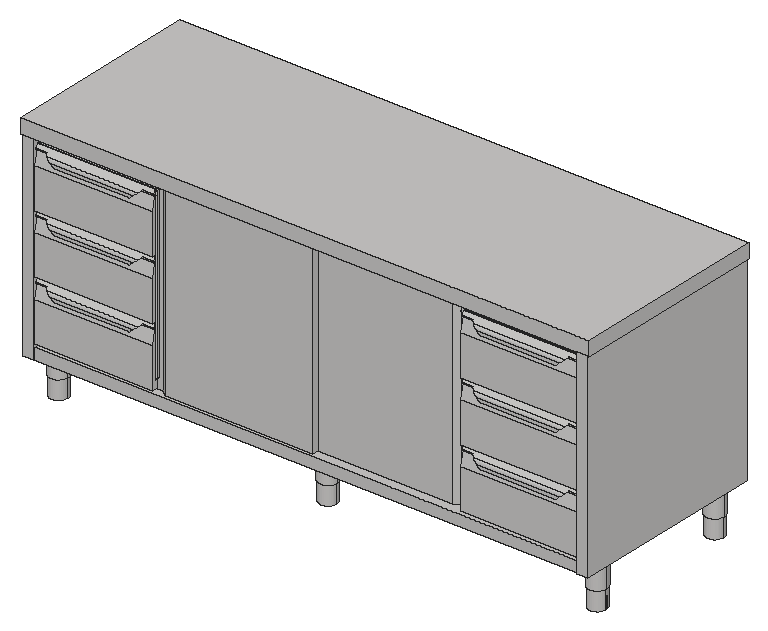
Revit family "QF_ELECTROLUXPROFESSIONAL_133265_MTA2000PN", category Attrezzature speciali, Revit 2020
Family settings
  Quota connettore circolare = Usa diametro
  Tipo di parte = Normale
  Basato su piano di lavoro = No
  Sempre verticale = Sì
  Taglio con vuoti quando caricato = No
  Condiviso = No
  Punto di calcolo locali = No
Parameters (values of type "Standard")
  Weight = 85.00 kg
  Watts = 0 W
  Volts = 0 V
  URL Manufacturer = "https://www.electroluxprofessional.com/"
  URL = "https://www.electroluxprofessional.com/"
  Steam Supply Size = 0 mm
  Steam Supply Minimum Pressure = 0.0 Pa
  Steam Supply Maximum Pressure = 0.0 Pa
  Steam Consumption per Hour = 0
  Refrigeration Suction Line Size = 0.0 mm
  Refrigeration Liquid Line Size = 0.0 mm
  Refrigerant Compressor Remote = yes
  Prospetto di default = 0.0 mm
  Phase = 0
  Modello = "MTA2000PN"
  Produttore = "Electrolux Professional"
  Length Actual = 2000.0 mm  # constant formula
  Item Number = "133265"
  Hot Water Size = 0 mm
  Height Actual = 900.0 mm  # constant formula
  HP = "0 HP"
  Gas Size = 0 mm
  Gas KW = 0
  Gas Input Pressure = 0 W
  Direct Waste Size = 0 mm
  Descrizione = "TABLE W/ 3+3 DRAWERS+2 SLIDING D. 2000MM"
  Depth Actual = 700.0 mm  # constant formula
  Cycle = 0 Hz
  Condensate Return Size = 0 mm
  Compressed Air Volume = 0.0 L/s
  Compressed Air Size = 0 mm
  Compressed Air Pressure = 0.0 Pa
  Cold Water Size = 0 mm
  Accessory = yes
Reference planes
  plane 1 "Center (Front/Back)": y = 0
  plane 2: z = 0
  plane 3 "BACK": y = 350
  plane 4 "FRONT": y = -350
  plane 5 "TOP": z = 900
  plane 6: y = 270
  plane 7: y = -247
  plane 8 "FEET": z = 150
  plane 9: y = -344.5
  plane 10 "BaseTop": z = 850
  plane 11: y = 344.5
  plane 12 "Center (Left/Right)": x = -409
  plane 13 "Right": x = 591
  plane 14 "Left": x = -1409
  plane 15: x = 130
  plane 16: x = -1363
  plane 17: x = 547.5
  plane 18: x = -944.5
  plane 19: x = -942
  plane 20: x = -1365.5
  plane 21: x = -1356
  plane 22: x = -1403.5
  plane 23: x = 585.5
  plane 24: x = 547.5
  plane 25: x = 545
  plane 26: x = -433.5
  plane 27: x = -384.5
  plane 28: x = 538
Forms (mm)
  Extrusion 1, solid, material "QF_Finishes_Stainless Steel"
    sketch origin (-400, 0, 150) x (1, 0, 0) y (0, 1, 0)
      loop
        line (985.5, 350) -> (947.5, 350) -> (947.5, -350) -> (985.5, -350) -> (985.5, 350)
      loop
        line (-965.4, 350) -> (-1003.5, 350) -> (-1003.5, -344.5) -> (-965.4, -344.5) -> (-965.4, 350)
    from 0 to 700
  Extrusion 2, solid, material "QF_Finishes_Stainless Steel"
    sketch origin (-400, 0, 150) x (1, 0, 0) y (0, 1, 0)
      loop
        line (947.5, 347) -> (-965.5, 347) -> (-965.5, -344.5) -> (947.5, -344.5) -> (947.5, 347)
    from 0 to 40
  Extrusion 3, void
    sketch origin (-400, -350, 0) x (1, 0, 0) y (0, 0, -1)
      loop
        line (525.418, -247.973) -> (538, -247.124) -> (538, -191.4) -> (525.418, -191.4) -> (525.418, -247.973)
      loop
        line (512.302, -816.058) -> (512.302, -850) -> (523, -850) -> (523, -816.825) -> (512.302, -816.058)
    from 20.5 to 40.5
  Extrusion 4, solid, material "QF_Finishes_Stainless Steel"
    sketch origin (-400, 0, 150) x (1, 0, 0) y (0, 1, 0)
      loop
        line (-965.5, 350) -> (-965.5, 327) -> (947.5, 327) -> (947.5, 350) -> (-965.5, 350)
    from 700 to 40
  Extrusion 5, solid, material "QF_Finishes_Stainless Steel"
    sketch origin (-406, 0, 0) x (0, 1, 0) y (0, 0, -1)
      loop
        line (-350, -900) -> (350, -900) -> (350, -850) -> (-350, -850) -> (-350, -900)
    from 1003 to -997
  Extrusion 6, solid, material "QF_Finishes_Stainless Steel"
    sketch origin (447, -20, 150) x (-1, 0, 0) y (0, -1, 0)
      loop
        line (831.5, 324.5) -> (831.5, 304.5) -> (1389, 304.5) -> (1389, 319.071) -> (1381.942, 326.129) -> (1380.312, 324.5) -> (1387, 317.812) -> (1387, 309.5) -> (1370.034, 309.5) -> (1350.034, 324.5) -> (831.5, 324.5)
    from 700 to 50
  Extrusion 7, void
    sketch origin (414, -350, 0) x (-1, 0, 0) y (0, 0, 1)
      loop
        line (1346.418, 247.973) -> (1346.418, 191.4) -> (1358.5, 191.4) -> (1358.5, 229.369) -> (1346.418, 247.973)
      loop
        line (1346.418, 816.627) -> (1358.5, 835.231) -> (1358.5, 850) -> (1346.418, 850) -> (1346.418, 816.627)
    from 2.49 to 20.5
  Extrusion 8, solid, material "QF_Finishes_Stainless Steel"
    sketch origin (0, 0, 850) x (-1, 0, 0) y (0, -1, 0)
      loop
        line (-547.5, 304.5) -> (-547.5, 299.5) -> (-130, 299.5) -> (-130, 304.5) -> (-547.5, 304.5)
    from 0 to -2
  Extrusion 9, solid, material "QF_Finishes_Stainless Steel"
    sketch origin (-1266, 0, 150) x (1, 0, 0) y (0, 1, 0)
      loop
        line (831.5, -324.5) -> (1357.034, -324.5) -> (1377.034, -309.5) -> (1394, -309.5) -> (1394, -317.812) -> (1387.312, -324.5) -> (1388.942, -326.129) -> (1396, -319.071) -> (1396, -304.5) -> (831.5, -304.5) -> (831.5, -324.5)
    from 700 to 50
Cuts and joins
  Extrusion 3 cuts Extrusion 1
  Extrusion 3 cuts Extrusion 5
  Extrusion 7 cuts Extrusion 6
  Extrusion 3 cuts Extrusion 9
Lines and regions (mm)
  symbolic lines, style "SpecialityEquipment"
    curve 1: line (-1409, 350, 850) -> (591, 350, 850)
    curve 2: line (-1409, -350, 850) -> (-1409, 350, 850)
    curve 3: line (591, -350, 850) -> (-1409, -350, 850)
    curve 4: line (591, 350, 850) -> (591, -350, 850)
    curve 6: line (-1409, 337, 850) -> (591, 337, 850)
  symbolic lines, style "SpecialityEquipmentHiddenLines"
    curve 5: line (-384.5, -324.5, 200) -> (-384.5, -344.5, 200)
    curve 7: line (130, -304.5, 850) -> (-433.5, -304.5, 850)
    curve 8: line (-433.5, -304.5, 850) -> (-433.5, -324.5, 850)
    curve 9: line (-942, -324.5, 850) -> (91.034, -324.5, 850)
    curve 10: line (91.034, -324.5, 850) -> (111.034, -309.5, 850)
    curve 11: line (111.034, -309.5, 850) -> (130, -309.5, 850)
    curve 12: line (130, -309.5, 850) -> (130, -304.5, 850)
    curve 13: line (-903.034, -344.5, 850) -> (-923.034, -329.5, 850)
    curve 14: line (-923.034, -329.5, 850) -> (-942, -329.5, 850)
    curve 15: line (-942, -329.5, 850) -> (-942, -324.5, 850)
Dimensions and locks
  plane 3 "BACK" to plane 4 "FRONT" = 700.0 mm
  equal spacing: plane 3 "BACK", plane 1 "Center (Front/Back)", plane 4 "FRONT"
  locked: plane 8 "FEET" to level at 150
  locked: plane 3 "BACK" to plane 6 at 80
  locked: plane 7 to plane 4 "FRONT" at 103
  plane 9 to plane 4 "FRONT" = 5.5 mm  (x2)
  plane 3 "BACK" to plane 11 = 5.5 mm
  locked: plane 5 "TOP" to level at 900
  plane 19 to plane 18 = 2.5 mm
  locked: plane 15 to plane 19 at 1072
  locked: plane 13 "Right" to plane 14 "Left" at 2000
  locked: plane 22 to plane 14 "Left" at 5.5
  locked: plane 20 to plane 22 at 38
  locked: plane 16 to plane 20 at 2.5
  locked: plane 22 to plane 21 at 47.5
  locked: plane 23 to plane 13 "Right" at 5.5
  locked: plane 24 to plane 23 at 38
  plane 25 to plane 24 = 2.5 mm
  equal spacing: plane 14 "Left", plane 12 "Center (Left/Right)", plane 13 "Right"
  plane 26 to plane 27 = 49.0 mm
  equal spacing: plane 26, plane 12 "Center (Left/Right)", plane 27
  plane 28 to plane 23 = 47.5 mm
  aligned and locked: level to plane 2
  aligned and locked: plane 17 to Extrusion 2
  aligned and locked: nested 4 to nested 2
  aligned and locked: plane 17 to Extrusion 4
  aligned and locked: plane 13 "Right" to Extrusion 5
  aligned and locked: Extrusion 5 to plane 14 "Left"
  aligned and locked: plane 20 to Extrusion 2 sketch curve
  aligned and locked: nested 3 to nested 1
  aligned and locked: nested 2 to plane 21
  aligned and locked: nested 6 to nested 5
  aligned and locked: plane 20 to Extrusion 4
  aligned and locked: nested 7 to plane 16
  aligned and locked: Extrusion 1 sketch curve to plane 23
  aligned and locked: plane 24 to Extrusion 1 sketch curve
  aligned and locked: plane 27 to cut or joined group of Extrusion 6, Extrusion 7
  aligned and locked: curve 8 to plane 26
  aligned and locked: curve 5 to plane 27
  aligned and locked: nested 5 to plane 12 "Center (Left/Right)"
  aligned and locked: nested 1 to plane 28
Automatic sketch dimensions
  curve 5 to plane 9 = 0.0 mm
  plane 9 to curve 5 = 20.0 mm
  Extrusion 1 sketch curve to plane 9 = 0.0 mm
  Extrusion 1 sketch curve to plane 22 = 0.0 mm
  Extrusion 1 sketch curve to plane 3 "BACK" = 0.0 mm  (x2)
  Extrusion 1 sketch curve to plane 4 "FRONT" = 0.0 mm
  plane 20 to Extrusion 1 sketch curve = 0.1 mm
  Extrusion 2 sketch curve to plane 9 = 0.0 mm
  Extrusion 2 sketch curve to plane 17 = 0.0 mm
  plane 11 to Extrusion 2 sketch curve = 2.5 mm
  Extrusion 3 sketch curve to plane 10 "BaseTop" = 0.0 mm
  Extrusion 3 sketch curve to plane 15 = 8.0 mm
  plane 15 to Extrusion 3 sketch curve = 7.0 mm
  Extrusion 3 sketch curve to Extrusion 3 sketch curve = 33.175 mm
  Extrusion 3 sketch curve to Extrusion 3 sketch curve = 0.767 mm
  plane 8 "FEET" to Extrusion 3 sketch curve = 97.973 mm
  Extrusion 3 sketch curve to Extrusion 3 sketch curve = 0.849 mm
  plane 8 "FEET" to Extrusion 3 sketch curve = 41.4 mm
  Extrusion 4 sketch curve to plane 3 "BACK" = 0.0 mm
  Extrusion 4 sketch curve to plane 20 = 0.0 mm
  Extrusion 4 sketch curve to plane 17 = 0.0 mm
  Extrusion 4 sketch curve to plane 11 = 17.5 mm
  Extrusion 5 sketch curve to plane 4 "FRONT" = 0.0 mm
  Extrusion 5 sketch curve to plane 3 "BACK" = 0.0 mm
  Extrusion 5 sketch curve to plane 10 "BaseTop" = 0.0 mm
  Extrusion 6 sketch curve to plane 27 = 0.0 mm
  Extrusion 6 sketch curve to plane 9 = 0.0 mm  (x2)
  Extrusion 6 sketch curve to plane 19 = 0.0 mm
  Extrusion 6 sketch curve to plane 19 = 38.966 mm
  Extrusion 6 sketch curve to plane 19 = 18.966 mm
  Extrusion 6 sketch curve to plane 19 = 8.688 mm
  Extrusion 6 sketch curve to plane 9 = 1.629 mm
  Extrusion 6 sketch curve to Extrusion 6 sketch curve = 1.629 mm
  Extrusion 6 sketch curve to plane 19 = 2.0 mm
  plane 9 to Extrusion 6 sketch curve = 15.0 mm
  Extrusion 6 sketch curve to Extrusion 6 sketch curve = 5.0 mm
  Extrusion 7 sketch curve to plane 10 "BaseTop" = 0.0 mm
  plane 18 to Extrusion 7 sketch curve = 0.0 mm  (x2)
  Extrusion 7 sketch curve to plane 19 = 9.582 mm  (x2)
  Extrusion 7 sketch curve to Extrusion 7 sketch curve = 14.769 mm
  Extrusion 7 sketch curve to Extrusion 7 sketch curve = 18.604 mm  (x2)
  plane 8 "FEET" to Extrusion 7 sketch curve = 97.973 mm
  Extrusion 7 sketch curve to Extrusion 7 sketch curve = 37.969 mm
  Extrusion 8 sketch curve to plane 15 = 0.0 mm
  plane 17 to Extrusion 8 sketch curve = 0.0 mm
  plane 9 to Extrusion 8 sketch curve = 45.0 mm
  Extrusion 8 sketch curve to Extrusion 8 sketch curve = 5.0 mm
  Extrusion 9 sketch curve to plane 26 = 1.0 mm
  plane 9 to Extrusion 9 sketch curve = 20.0 mm  (x2)
  plane 9 to Extrusion 9 sketch curve = 18.371 mm
  Extrusion 9 sketch curve to Extrusion 9 sketch curve = 1.629 mm
  Extrusion 9 sketch curve to Extrusion 9 sketch curve = 8.312 mm
  plane 9 to Extrusion 9 sketch curve = 40.0 mm
  curve 4 to plane 3 "BACK" = 0.0 mm
  curve 4 to plane 13 "Right" = 0.0 mm
  curve 13 to plane 9 = 0.0 mm
  curve 14 to plane 19 = 0.0 mm
  curve 3 to plane 4 "FRONT" = 0.0 mm
  curve 3 to plane 14 "Left" = 0.0 mm
  curve 11 to curve 11 = 18.966 mm
  curve 10 to curve 9 = 20.0 mm
  curve 13 to curve 14 = 18.966 mm
  plane 9 to curve 7 = 40.0 mm
  curve 7 to curve 11 = 5.0 mm
  plane 9 to curve 9 = 20.0 mm
  curve 9 to curve 15 = 5.0 mm
  curve 13 to curve 13 = 20.0 mm
  curve 6 to plane 11 = 7.5 mm
  curve 11 to plane 15 = 0.0 mm
  Extrusion 3 sketch curve to Extrusion 3 sketch curve = 10.698 mm
  plane 15 to Extrusion 3 sketch curve = 4.582 mm
  Extrusion 9 sketch curve to plane 15 = 0.0 mm
  plane 15 to Extrusion 9 sketch curve = 38.966 mm
  plane 15 to Extrusion 9 sketch curve = 18.966 mm
  plane 15 to Extrusion 9 sketch curve = 8.688 mm
  plane 15 to Extrusion 9 sketch curve = 2.0 mm
  Extrusion 5 sketch curve to plane 5 "TOP" = 0.0 mm
Nested families
  nested 1: "FEET_D60-150" at (538, -247, 0) x (-1, 0, 0) z (0, 0, 1), type "FEET_D60-150"
  nested 2: "FEET_D60-150" at (-1356, -247, 0) x (-1, 0, 0) z (0, 0, 1), type "FEET_D60-150"
  nested 3: "FEET_D60-150" at (538, 270, 0) x (-1, 0, 0) z (0, 0, 1), type "FEET_D60-150"
  nested 4: "FEET_D60-150" at (-1356, 270, 0) x (-1, 0, 0) z (0, 0, 1), type "FEET_D60-150"
  nested 5: "FEET_D60-150" at (-409, -247, 0) x (-1, 0, 0) z (0, 0, 1), type "FEET_D60-150"
  nested 6: "FEET_D60-150" at (-409, 270, 0) x (-1, 0, 0) z (0, 0, 1), type "FEET_D60-150"
  nested 7: "H637_600_3DRAWERS" at (-1119.458, -304.5, 152) x (-1, 0, 0) z (0, -1, 0), type "H637_600_3DRAWERS"
    with Show Clearance yes
  nested 8: "H637_600_3DRAWERS" at (307.458, -304.5, 152) x (1, 0, 0) z (0, -1, 0), type "H637_600_3DRAWERS"
    with Show Clearance yes
Definition of nested family "FEET_D60-150"
  Parameters
    Default Elevation = 0.0 mm
    FEET = 150.0 mm
  Reference planes
    plane 1 "Center (Front/Back)": y = 0
    plane 2: z = 0
    plane 3 "Center (Left/Right)": x = 0
    plane 4: z = 150
  Forms (mm)
    Extrusion 1, solid
      sketch origin (0, 0, 0) x (1, 0, 0) y (0, 1, 0)
        loop
          circle (0, 0) r 28
      from 0 to 67
    Revolve 2, solid
      sketch origin (0, 0, 0) x (1, 0, 0) y (0, 0, 1)
        loop
          line (0, 0) -> (0, 150) -> (-32.939, 150) -> (-32.939, 67) -> (-30, 67) -> (-30, 0) -> (0, 0)
        axis (0, 150) -> (0, 0)
      angle from 0 to 360
  Lines and regions (mm)
    symbolic lines
      curve 1: line (0, -1.503, 0) -> (0, 1.508, 0)
      curve 2: line (1.561, 0, 0) -> (-1.439, 0, 0)
  Dimensions and locks
    "FEET": plane 4 to plane 2
    aligned and locked: level to plane 2
  Automatic sketch dimensions
    plane 1 "Center (Front/Back)" to Extrusion 1 sketch curve = 0.0 mm
    Extrusion 1 sketch curve to plane 3 "Center (Left/Right)" = 0.0 mm
    plane 1 "Center (Front/Back)" to curve 2 = 0.0 mm
    curve 1 to plane 3 "Center (Left/Right)" = 0.0 mm
    curve 2 to plane 3 "Center (Left/Right)" = 1.439 mm
    plane 3 "Center (Left/Right)" to curve 2 = 1.561 mm
    plane 1 "Center (Front/Back)" to curve 1 = 1.503 mm
    curve 1 to plane 1 "Center (Front/Back)" = 1.508 mm
    Revolve 2 sketch curve to plane 4 = 0.0 mm
    Revolve 2 sketch curve to level = 0.0 mm
    Revolve 2 sketch curve to plane 3 "Center (Left/Right)" = 0.0 mm  (x2)
    Revolve 2 sketch curve to plane 3 "Center (Left/Right)" = 30.0 mm
    Revolve 2 sketch curve to plane 3 "Center (Left/Right)" = 32.939 mm
    level to Revolve 2 sketch curve = 67.0 mm
    Revolve 2 sketch curve to level = 42.207 mm
    Revolve 2 sketch curve to Revolve 2 sketch curve = 10.0 mm
    radius of Extrusion 1 sketch curve = 28.0 mm
Definition of nested family "H637_600_3DRAWERS"
  Parameters
    Width = 419.0 mm
    Show Clearance [instance] = yes
    Model = "727995"
    Height = 700.0 mm
    Default Elevation = 0.0 mm
  Reference planes
    plane 1 "Center (Front/Back)": y = 0
    plane 2: z = 0
    plane 3 "Center (Left/Right)": x = 36.042
    plane 4 "panel": z = 25
    plane 5 "Left": x = -173.458
    plane 6 "Right": x = 245.542
    plane 7: y = 700
    plane 8: z = 45
    plane 9: x = 243.542
    plane 10: x = -171.458
    plane 11: y = 676
    plane 12: y = 38
    plane 13: z = 499.734
    plane 14: y = 470
    plane 15: y = 465
    plane 16: y = 259
    plane 17: y = 254
    plane 18: y = 48
  Forms (mm)
    Extrusion 1, solid
      sketch origin (0, -919.2, 0) x (1, 0, 0) y (0, 1, 0)
        loop
          line (-980.5, 2119.2) -> (-980.5, -162.846) -> (881.94, -162.846) -> (881.94, 2119.2) -> (-980.5, 2119.2)
      from 0 to -59.546
    Extrusion 2, solid
      sketch origin (36.042, -645.693, 0) x (0, 1, 0) y (0, 0, 1)
        loop
          line (856.63, 49.734) -> (856.63, 47.734) -> (866.98, 47.734)
          arc (866.98, 47.734) -> (873.586, 46.42) -> (879.186, 42.679) r 17.261
          line (879.186, 42.679) -> (896.019, 25.845) -> (899.693, 25) -> (880.6, 44.093)
          arc (880.6, 44.093) -> (874.351, 48.268) -> (866.98, 49.734) r 19.261
          line (866.98, 49.734) -> (856.63, 49.734)
      from -207.5 to 207.5
    Extrusion 3, solid, detail levels coarse
      sketch origin (0, 0, 0) x (1, 0, 0) y (0, 0, 1)
        loop
          line (-171.458, 40) -> (243.542, 40) -> (243.542, 499.734) -> (-171.458, 499.734) -> (-171.458, 40)
      from -48 to -254
    Extrusion 4, solid
      sketch origin (36.042, -616, 0) x (0, 1, 0) y (0, 0, 1)
        loop
          line (664.4, 40) -> (664.4, 0) -> (870, 0) -> (870, 25) -> (804.797, 40) -> (664.4, 40)
      from 207.5 to -207.5
    Extrusion 5, void
      sketch origin (0, 0, 0) x (1, 0, 0) y (0, 1, 0)
        loop
          line (-99.744, 213.799) -> (-133.705, 243.322) -> (-166.458, 243.322)
          arc (-166.458, 243.322) -> (-169.994, 244.786) -> (-171.458, 248.322) r 5
          line (-171.458, 248.322) -> (-171.458, 210.937) -> (-91.403, 210.937)
          arc (-91.403, 210.937) -> (-95.762, 211.819) -> (-99.744, 213.799) r 17.035
      from 36.678 to 53.74
    Extrusion 6, void
      sketch origin (72.084, 0, 0) x (-1, 0, 0) y (0, -1, 0)
        loop
          arc (-99.744, -213.799) -> (-95.762, -211.819) -> (-91.403, -210.937) r 17.035
          line (-91.403, -210.937) -> (-171.458, -210.937) -> (-171.458, -248.322)
          arc (-171.458, -248.322) -> (-169.994, -244.786) -> (-166.458, -243.322) r 5
          line (-166.458, -243.322) -> (-133.705, -243.322) -> (-99.744, -213.799)
      from 36.678 to 53.74
    Extrusion 7, solid
      sketch origin (36.042, -434.693, 0) x (0, 1, 0) y (0, 0, 1)
        loop
          line (856.63, 49.734) -> (856.63, 47.734) -> (866.98, 47.734)
          arc (866.98, 47.734) -> (873.586, 46.42) -> (879.186, 42.679) r 17.261
          line (879.186, 42.679) -> (896.019, 25.845) -> (899.693, 25) -> (880.6, 44.093)
          arc (880.6, 44.093) -> (874.351, 48.268) -> (866.98, 49.734) r 19.261
          line (866.98, 49.734) -> (856.63, 49.734)
      from -207.5 to 207.5
    Extrusion 8, solid
      sketch origin (36.042, -405, 0) x (0, 1, 0) y (0, 0, 1)
        loop
          line (664, 40) -> (664, 0) -> (870, 0) -> (870, 25) -> (804.797, 40) -> (664, 40)
      from 207.5 to -207.5
    Extrusion 9, void
      sketch origin (0, 211, 0) x (1, 0, 0) y (0, 1, 0)
        loop
          line (-99.744, 213.799) -> (-133.705, 243.322) -> (-166.458, 243.322)
          arc (-166.458, 243.322) -> (-169.994, 244.786) -> (-171.458, 248.322) r 5
          line (-171.458, 248.322) -> (-171.458, 210.937) -> (-91.403, 210.937)
          arc (-91.403, 210.937) -> (-95.762, 211.819) -> (-99.744, 213.799) r 17.035
      from 36.678 to 53.74
    Extrusion 10, void
      sketch origin (72.084, 211, 0) x (-1, 0, 0) y (0, -1, 0)
        loop
          arc (-99.744, -213.799) -> (-95.762, -211.819) -> (-91.403, -210.937) r 17.035
          line (-91.403, -210.937) -> (-171.458, -210.937) -> (-171.458, -248.322)
          arc (-171.458, -248.322) -> (-169.994, -244.786) -> (-166.458, -243.322) r 5
          line (-166.458, -243.322) -> (-133.705, -243.322) -> (-99.744, -213.799)
      from 36.678 to 53.74
    Extrusion 11, solid
      sketch origin (36.042, -223.693, 0) x (0, 1, 0) y (0, 0, 1)
        loop
          line (856.63, 49.734) -> (856.63, 47.734) -> (866.98, 47.734)
          arc (866.98, 47.734) -> (873.586, 46.42) -> (879.186, 42.679) r 17.261
          line (879.186, 42.679) -> (896.019, 25.845) -> (899.693, 25) -> (880.6, 44.093)
          arc (880.6, 44.093) -> (874.351, 48.268) -> (866.98, 49.734) r 19.261
          line (866.98, 49.734) -> (856.63, 49.734)
      from -207.5 to 207.5
    Extrusion 12, solid
      sketch origin (36.042, -194, 0) x (0, 1, 0) y (0, 0, 1)
        loop
          line (664, 40) -> (664, 0) -> (870, 0) -> (870, 25) -> (804.797, 40) -> (664, 40)
      from 207.5 to -207.5
    Extrusion 13, void
      sketch origin (0, 422, 0) x (1, 0, 0) y (0, 1, 0)
        loop
          line (-99.744, 213.799) -> (-133.705, 243.322) -> (-166.458, 243.322)
          arc (-166.458, 243.322) -> (-169.994, 244.786) -> (-171.458, 248.322) r 5
          line (-171.458, 248.322) -> (-171.458, 210.937) -> (-91.403, 210.937)
          arc (-91.403, 210.937) -> (-95.762, 211.819) -> (-99.744, 213.799) r 17.035
      from 36.678 to 53.74
    Extrusion 14, void
      sketch origin (72.084, 422, 0) x (-1, 0, 0) y (0, -1, 0)
        loop
          arc (-99.744, -213.799) -> (-95.762, -211.819) -> (-91.403, -210.937) r 17.035
          line (-91.403, -210.937) -> (-171.458, -210.937) -> (-171.458, -248.322)
          arc (-171.458, -248.322) -> (-169.994, -244.786) -> (-166.458, -243.322) r 5
          line (-166.458, -243.322) -> (-133.705, -243.322) -> (-99.744, -213.799)
      from 36.678 to 53.74
    Extrusion 15, solid, detail levels coarse
      sketch origin (0, 0, 0) x (1, 0, 0) y (0, 0, 1)
        loop
          line (-171.458, 40) -> (243.542, 40) -> (243.542, 499.734) -> (-171.458, 499.734) -> (-171.458, 40)
      from -259 to -465
    Extrusion 16, solid, detail levels coarse
      sketch origin (0, 0, 0) x (1, 0, 0) y (0, 0, 1)
        loop
          line (-171.458, 40) -> (243.542, 40) -> (243.542, 499.734) -> (-171.458, 499.734) -> (-171.458, 40)
      from -470 to -676
  Cuts and joins
    Extrusion 5, Extrusion 6, Extrusion 9, Extrusion 10 cuts Extrusion 2
    Extrusion 5 cuts Extrusion 4
    Extrusion 9, Extrusion 10, Extrusion 13, Extrusion 14 cuts Extrusion 7
    Extrusion 13, Extrusion 14 cuts Extrusion 11
  Lines and regions (mm)
    symbolic lines
      curve 1: line (243.542, 0, 179.734) -> (243.542, 0, 199.734)
      curve 2: line (212.235, 0, 49.734) -> (-171.458, 0, 49.734)
      curve 3: spline (231.959, 0, 44.389) -> (230.421, 0, 45.265) -> (228.856, 0, 46.066) -> (227.265, 0, 46.791) -> (225.651, 0, 47.437) -> (224.017, 0, 48.005) -> (222.365, 0, 48.493) -> (220.698, 0, 48.9) -> (219.019, 0, 49.226) -> (217.331, 0, 49.471) -> (215.636, 0, 49.633) -> (213.936, 0, 49.712) -> (212.236, 0, 49.71)
      curve 4: line (238.456, 0, 40) -> (231.959, 0, 44.389)
      curve 5: line (243.542, 0, 500) -> (-171.458, 0, 500)
      curve 6: line (243.542, 0, 349.734) -> (-171.458, 0, 349.734)
      curve 7: line (243.542, 0, 199.734) -> (-171.458, 0, 199.734)
      curve 8: line (243.542, 0, 480) -> (-171.458, 0, 480)
      curve 9: line (243.542, 0, 329.734) -> (-171.458, 0, 329.734)
      curve 10: line (243.542, 0, 179.734) -> (-171.458, 0, 179.734)
      curve 11: line (-156.458, 0, 49.734) -> (-156.458, 0, 179.734)
      curve 12: line (-156.458, 0, 349.734) -> (-156.458, 0, 480)
      curve 13: line (-156.458, 0, 199.734) -> (-156.458, 0, 329.734)
      curve 14: line (228.542, 0, 49.734) -> (228.542, 0, 179.734)
      curve 15: line (228.542, 0, 349.734) -> (228.542, 0, 480)
      curve 16: line (228.542, 0, 199.734) -> (228.542, 0, 329.734)
      curve 17: line (243.542, 0, 480) -> (243.542, 0, 500)
      curve 18: line (243.542, 0, 329.734) -> (243.542, 0, 349.734)
      curve 19: line (-171.458, 0, 179.734) -> (-171.458, 0, 199.734)
      curve 20: line (-171.458, 0, 480) -> (-171.458, 0, 500)
      curve 21: line (-171.458, 0, 329.734) -> (-171.458, 0, 349.734)
  Dimensions and locks
    plane 4 "panel" to level = 25.0 mm
    "Width": plane 5 "Left" to plane 6 "Right"
    equal spacing: plane 5 "Left", plane 3 "Center (Left/Right)", plane 6 "Right"
    "Height": plane 1 "Center (Front/Back)" to plane 7
    plane 9 to plane 6 "Right" = 2.0 mm
    plane 5 "Left" to plane 10 = 2.0 mm
    plane 7 to plane 11 = 24.0 mm
    plane 1 "Center (Front/Back)" to plane 12 = 38.0 mm
    plane 10 to plane 9 = 415.0 mm
    plane 11 to plane 14 = 206.0 mm
    locked: plane 14 to plane 15 at 5
    plane 15 to plane 16 = 206.0 mm
    locked: plane 16 to plane 17 at 5
    plane 17 to plane 18 = 206.0 mm  (x2)
    plane 16 to plane 17 = 5.0 mm
    plane 14 to plane 15 = 5.0 mm
    plane 16 to plane 15 = 206.0 mm
    plane 14 to plane 11 = 206.0 mm
    aligned and locked: plane 2 to Extrusion 1
    aligned and locked: level to Extrusion 1
    aligned and locked: plane 9 to Extrusion 4
    aligned and locked: plane 10 to Extrusion 4
  Automatic sketch dimensions
    Extrusion 1 sketch curve to Extrusion 1 sketch curve = 1862.44 mm
    Extrusion 1 sketch curve to Extrusion 1 sketch curve = 2282.046 mm
    Extrusion 2 sketch curve to Extrusion 2 sketch curve = 0.0 mm  (x2)
    Extrusion 2 sketch curve to plane 4 "panel" = 0.0 mm
    Extrusion 2 sketch curve to plane 17 = 0.0 mm
    plane 4 "panel" to Extrusion 2 sketch curve = 0.845 mm
    Extrusion 2 sketch curve to plane 17 = 3.674 mm
    Extrusion 2 sketch curve to plane 8 = 0.907 mm
    Extrusion 2 sketch curve to plane 17 = 19.093 mm
    Extrusion 2 sketch curve to plane 8 = 2.321 mm
    Extrusion 2 sketch curve to Extrusion 2 sketch curve = 1.414 mm
    plane 4 "panel" to Extrusion 2 sketch curve = 5.474 mm
    Extrusion 2 sketch curve to Extrusion 2 sketch curve = 12.205 mm
    Extrusion 2 sketch curve to Extrusion 2 sketch curve = 10.351 mm
    Extrusion 4 sketch curve to level = 0.0 mm
    Extrusion 4 sketch curve to plane 4 "panel" = 0.0 mm
    Extrusion 4 sketch curve to plane 17 = 0.0 mm
    Extrusion 4 sketch curve to plane 8 = 5.0 mm
    Extrusion 4 sketch curve to plane 17 = 65.203 mm
    plane 18 to Extrusion 4 sketch curve = 0.4 mm
    Extrusion 7 sketch curve to Extrusion 7 sketch curve = 0.0 mm  (x2)
    Extrusion 7 sketch curve to plane 4 "panel" = 0.0 mm
    Extrusion 7 sketch curve to plane 15 = 0.0 mm
    plane 4 "panel" to Extrusion 7 sketch curve = 0.845 mm
    Extrusion 7 sketch curve to plane 15 = 3.674 mm
    Extrusion 7 sketch curve to plane 8 = 0.907 mm
    Extrusion 7 sketch curve to plane 15 = 19.093 mm
    Extrusion 7 sketch curve to plane 8 = 2.321 mm
    Extrusion 7 sketch curve to Extrusion 7 sketch curve = 1.414 mm
    plane 4 "panel" to Extrusion 7 sketch curve = 5.474 mm
    Extrusion 7 sketch curve to Extrusion 7 sketch curve = 12.205 mm
    Extrusion 7 sketch curve to Extrusion 7 sketch curve = 10.351 mm
    Extrusion 8 sketch curve to plane 16 = 0.0 mm
    Extrusion 8 sketch curve to plane 4 "panel" = 0.0 mm
    Extrusion 8 sketch curve to plane 15 = 0.0 mm
    Extrusion 8 sketch curve to level = 0.0 mm
    Extrusion 8 sketch curve to plane 8 = 5.0 mm
    Extrusion 8 sketch curve to plane 15 = 65.203 mm
    Extrusion 11 sketch curve to Extrusion 11 sketch curve = 0.0 mm  (x2)
    Extrusion 11 sketch curve to plane 4 "panel" = 0.0 mm
    Extrusion 11 sketch curve to plane 11 = 0.0 mm
    plane 4 "panel" to Extrusion 11 sketch curve = 0.845 mm
    Extrusion 11 sketch curve to plane 11 = 3.674 mm
    Extrusion 11 sketch curve to plane 8 = 0.907 mm
    Extrusion 11 sketch curve to plane 11 = 19.093 mm
    Extrusion 11 sketch curve to plane 8 = 2.321 mm
    Extrusion 11 sketch curve to Extrusion 11 sketch curve = 1.414 mm
    plane 4 "panel" to Extrusion 11 sketch curve = 5.474 mm
    Extrusion 11 sketch curve to Extrusion 11 sketch curve = 12.205 mm
    Extrusion 11 sketch curve to Extrusion 11 sketch curve = 10.351 mm
    Extrusion 12 sketch curve to plane 14 = 0.0 mm
    Extrusion 12 sketch curve to plane 4 "panel" = 0.0 mm
    Extrusion 12 sketch curve to plane 11 = 0.0 mm
    Extrusion 12 sketch curve to level = 0.0 mm
    Extrusion 12 sketch curve to plane 8 = 5.0 mm
    Extrusion 12 sketch curve to plane 11 = 65.203 mm
    plane 10 to curve 21 = 0.0 mm
    plane 10 to curve 20 = 0.0 mm
    plane 10 to curve 2 = 0.0 mm
    plane 10 to curve 19 = 0.0 mm
    curve 6 to plane 9 = 0.0 mm
    curve 7 to plane 9 = 0.0 mm
    curve 17 to plane 9 = 0.0 mm
    curve 4 to plane 8 = 0.611 mm
    curve 4 to plane 9 = 11.583 mm
    plane 8 to curve 19 = 134.734 mm
    curve 19 to curve 19 = 20.0 mm
    curve 1 to curve 18 = 130.0 mm
    curve 9 to curve 18 = 20.0 mm
    plane 13 to curve 17 = 19.734 mm
    curve 20 to plane 13 = 0.266 mm
    plane 8 to curve 11 = 4.734 mm
    curve 11 to plane 10 = 15.0 mm
    curve 21 to curve 12 = 15.0 mm
    curve 19 to curve 13 = 15.0 mm
    curve 2 to curve 3 = 19.723 mm
    curve 2 to curve 3 = 0.0 mm
    curve 3 to level = 1.281 mm
    curve 3 to plane 6 "Right" = 32.398 mm
    curve 15 to curve 6 = 15.0 mm
    curve 14 to curve 1 = 15.0 mm
    curve 16 to curve 1 = 15.0 mm
    curve 4 to plane 9 = 5.086 mm
    curve 4 to plane 8 = 5.0 mm
    curve 3 to curve 2 = 0.025 mm
    plane 8 to curve 14 = 4.734 mm
    plane 10 to Extrusion 3 sketch curve = 0.0 mm
    Extrusion 3 sketch curve to plane 9 = 0.0 mm
    Extrusion 3 sketch curve to plane 13 = 0.0 mm
    Extrusion 3 sketch curve to plane 8 = 5.0 mm
    Extrusion 5 sketch curve to plane 10 = 0.0 mm
    Extrusion 5 sketch curve to plane 10 = 5.0 mm
    Extrusion 5 sketch curve to plane 17 = 10.678 mm
    Extrusion 5 sketch curve to Extrusion 5 sketch curve = 32.753 mm
    Extrusion 5 sketch curve to Extrusion 5 sketch curve = 33.961 mm
    Extrusion 5 sketch curve to Extrusion 5 sketch curve = 8.34 mm
    Extrusion 5 sketch curve to Extrusion 5 sketch curve = 9.511 mm
    Extrusion 5 sketch curve to plane 17 = 26.068 mm
    Extrusion 5 sketch curve to Extrusion 5 sketch curve = 14.132 mm
    Extrusion 6 sketch curve to plane 9 = 0.0 mm
    plane 9 to Extrusion 6 sketch curve = 5.0 mm
    plane 17 to Extrusion 6 sketch curve = 10.678 mm
    Extrusion 6 sketch curve to Extrusion 6 sketch curve = 32.753 mm
    Extrusion 6 sketch curve to Extrusion 6 sketch curve = 33.961 mm
    Extrusion 6 sketch curve to Extrusion 6 sketch curve = 8.34 mm
    Extrusion 6 sketch curve to Extrusion 6 sketch curve = 1.171 mm
    plane 17 to Extrusion 6 sketch curve = 26.068 mm
    Extrusion 6 sketch curve to Extrusion 6 sketch curve = 14.132 mm
    Extrusion 9 sketch curve to plane 10 = 0.0 mm
    Extrusion 9 sketch curve to plane 10 = 5.0 mm
    Extrusion 9 sketch curve to plane 15 = 10.678 mm
    Extrusion 9 sketch curve to Extrusion 9 sketch curve = 32.753 mm
    Extrusion 9 sketch curve to Extrusion 9 sketch curve = 33.961 mm
    Extrusion 9 sketch curve to Extrusion 9 sketch curve = 8.34 mm
    Extrusion 9 sketch curve to Extrusion 9 sketch curve = 9.511 mm
    Extrusion 9 sketch curve to plane 15 = 26.068 mm
    Extrusion 9 sketch curve to Extrusion 9 sketch curve = 14.132 mm
    Extrusion 10 sketch curve to plane 9 = 0.0 mm
    plane 9 to Extrusion 10 sketch curve = 5.0 mm
    plane 15 to Extrusion 10 sketch curve = 10.678 mm
    Extrusion 10 sketch curve to Extrusion 10 sketch curve = 32.753 mm
    Extrusion 10 sketch curve to Extrusion 10 sketch curve = 33.961 mm
    Extrusion 10 sketch curve to Extrusion 10 sketch curve = 8.34 mm
    Extrusion 10 sketch curve to Extrusion 10 sketch curve = 1.171 mm
    plane 15 to Extrusion 10 sketch curve = 26.068 mm
    Extrusion 10 sketch curve to Extrusion 10 sketch curve = 14.132 mm
    Extrusion 13 sketch curve to plane 10 = 0.0 mm
    Extrusion 13 sketch curve to plane 10 = 5.0 mm
    Extrusion 13 sketch curve to plane 11 = 10.678 mm
    Extrusion 13 sketch curve to Extrusion 13 sketch curve = 32.753 mm
    Extrusion 13 sketch curve to Extrusion 13 sketch curve = 33.961 mm
    Extrusion 13 sketch curve to Extrusion 13 sketch curve = 8.34 mm
    Extrusion 13 sketch curve to Extrusion 13 sketch curve = 9.511 mm
    Extrusion 13 sketch curve to plane 11 = 26.068 mm
    Extrusion 13 sketch curve to Extrusion 13 sketch curve = 14.132 mm
    Extrusion 14 sketch curve to plane 9 = 0.0 mm
    plane 9 to Extrusion 14 sketch curve = 5.0 mm
    plane 11 to Extrusion 14 sketch curve = 10.678 mm
    Extrusion 14 sketch curve to Extrusion 14 sketch curve = 32.753 mm
    Extrusion 14 sketch curve to Extrusion 14 sketch curve = 33.961 mm
    Extrusion 14 sketch curve to Extrusion 14 sketch curve = 8.34 mm
    Extrusion 14 sketch curve to Extrusion 14 sketch curve = 1.171 mm
    plane 11 to Extrusion 14 sketch curve = 26.068 mm
    Extrusion 14 sketch curve to Extrusion 14 sketch curve = 14.132 mm
    plane 10 to Extrusion 15 sketch curve = 0.0 mm
    Extrusion 15 sketch curve to plane 9 = 0.0 mm
    Extrusion 15 sketch curve to plane 8 = 5.0 mm
    plane 13 to Extrusion 15 sketch curve = 0.0 mm
    plane 10 to Extrusion 16 sketch curve = 0.0 mm
    Extrusion 16 sketch curve to plane 9 = 0.0 mm
    Extrusion 16 sketch curve to plane 8 = 5.0 mm
    plane 8 to Extrusion 16 sketch curve = 454.734 mm
